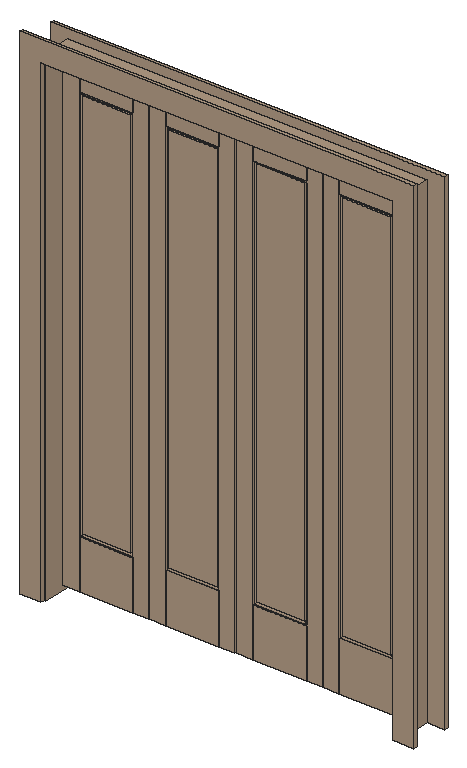
Revit family "FoldingDoor", category Doors, host Wall, Revit 2021
Family settings
  Host = Wall
  OmniClass Number = 23.30.10.17.17.24
  OmniClass Title = Bifold Doors
  Always vertical = Yes
  Cut with Voids When Loaded = No
  Shared = No
  Room Calculation Point = No
Parameters (values of type "1.57 x 1.72")
  Youtube clip = ""
  Warranty URL = "http://www.karonadoor.com/pdf/literature/Warranty_.pdf"
  Warranty = "Limited lifetime warranty on all interior doors."  # constant formula
  Visual Light Transmittance = 0
  Uniformat II Description = ""
  Uniformat II Code = ""
  Uniclass 2015 Name = "Doorsets"
  Uniclass 2015 Code = "Pr_30_59_24"
  Uniclass 2.0 Description = "Doorsets"
  Uniclass 2.0 Code = "PR-59-23"
  Uniclass 1.4 Description = "Doors"
  Uniclass 1.4 Code = "JL20"
  URL = "http://www.karonadoor.com/"
  UNSPSC Code = "30171511"
  Trim Width = Trim Offset + Jamb Thickness - Trim Reveal  # 0.092869 m
  Trim Visible = yes
  Trim Reveal = 0.00635 m  # constant formula
  Trim Offset 2 = 0.0381 m + Jamb Thickness - Trim Reveal  # 0.054769 m
  Trim Offset = 0.0762 m
  Trim Material = Wood - Karona - Red Oak
  Top Rail Material = Wood - Karona - Red Oak
  Top Rail Height = 0.0762 m
  Thermal Resistance (R) = 2.1740 (h·ft²·°F)/BTU
  Technical description = "http://www.karonadoor.com/pdf/Architectural.Guide.pdf"
  Support Email = "mailto:bimsupport@jeldwen.com"
  Stile Width = 0.070637 m
  Stile Material = Wood - Karona - Red Oak
  Sticking Offset = if(Square Sticking Profile, 0.00 m, 0.011113 m)  # 0.011113 m
  Sticking Material = Wood - Karona - Red Oak
  Square Sticking Profile = no
  Solar Heat Gain Coefficient = 0
  Slab Width = (Width - 0.023813 m) / 4  # 0.375047 m
  Region South America = "None"
  Region Oceania = "None"
  Region North America = "CA, US"
  Region Middle East = "None"
  Region Europe = "None"
  Region Asia = "None"
  Region Antarctica = "None"
  Region Africa = "None"
  Raised Panel Offset = if(Square Sticking Profile, 0.030163 m, 0.041275 m)  # 0.041275 m
  Raised Panel Door = yes
  QR code = "http://bimobject.com/karona/product/K1020"
  Product url = ""
  Product group = "Panel Doors"
  Product family = "Commercial Products"
  Product data url = "https://bimobject.com/karona/product/K1020"
  Product certification = ""
  Product SKU = "K1020"
  Product Guid = "a243a0c5-d66c-4328-b293-24f8d74b3ef9"
  Pivot Inset 2 = Jamb Offset + Pivot Inset  # 0.086519 m
  Pivot Inset = 0.05715 m
  Panel Half Thickness = Thickness / 2  # 0.022523 m
  Ovolo Sticking Profile = yes
  Operation = "Swing"
  OmniClass Description = "Wood Doors"
  OmniClass Code = "23-17 11 15"
  Ogee Sticking Profile = no
  NBS Reference Description = "Doorsets"
  NBS Reference Code = "59-23"
  Mullion Width = 0.092075 m  # constant formula
  Model = "K1020"  # constant formula
  Mission Sticking Profile = no
  Material secondary = ""
  Material main = "Wood"
  Masterformat 2014 Description = "Bifolding Wood Doors"
  Masterformat 2014 Code = "08 14 76"
  Manufacturer name = "Karona"
  Manufacturer country = "United States"
  Manufacturer = "Karona Door, Inc."  # constant formula
  Keynote = "08 14 76"  # constant formula
  Jamb to Door Gap = 0.00635 m  # constant formula
  Jamb Material = Wood - Karona - Red Oak
  Interior Panel = Wood - Karona - Red Oak
  Installation instructions = "http://www.karonadoor.com/printable_media.php"
  Inset = Panel Half Thickness + 0.01905 m  # 0.041573 m
  IFC Classification = "Door"
  Heat Transfer Coefficient (U) = 0.4600 BTU/(h·ft²·°F)
  Green Product Information = "Available in Certified Wood, No-added Urea, & Recycled"  # constant formula
  Glass Panel Door = no
  Flat Panel Door = no
  Fire Rating Data = "http://www.karonadoor.com/pdf/literature/Fire_Door_Options.pdf"
  Fire Rating = "Available in 20, 45, 60, & 90 minute ratings."  # constant formula
  Edition number = 1
  EAN code = ""
  Door Width [instance] = 1.570037 m
  Door Panel Material = Wood - Karona - Red Oak
  Door Height [instance] = 2.128044 m
  Design country = "United States"
  Description = "Bifold Stile and Rail Wood Door"  # constant formula
  Define Thermal Properties by = Schematic Type
  Date of publishing = ""
  Construction Type = ""
  COBIe Type Category = ""
  Brand url = "http://www.karonadoor.com/"
  Bottom Rail Material = Wood - Karona - Red Oak
  Bottom Rail Height = 0.2159 m
  BIMobject main category code = "doors"
  BIMobject main category = "Doors"
  BIMobject category code = "doors-folding"
  BIMobject category = "Folding"
  Analytic Construction = "Solid core wood"
  Thickness = 0.045045 m
  Stop Thickness = 0.0127 m
  Stop Depth = 0.034925 m
  Sticking Profile Note = "Select only one sticking profile."  # constant formula
  Sizing Statement = "Custom sizes are available."  # constant formula
  Rough Width = Width + 2 * Jamb Thickness  # 1.570038 m
  Rough Height = Height + Jamb Thickness + 0.073025 m  # 2.128044 m
  Rabbet Width = Thickness  # 0.045045 m
  Panel Style Note = "Select only one panel style."  # constant formula
  Jamb Offset = Jamb Thickness + Jamb to Door Gap  # 0.029369 m
  Glass Options Note = "19 styles of glass are available."  # constant formula
  Function = Interior
  Jamb Thickness = 0.023019 m
  Ext. Frame Thickness = 0.015875 m
  Int. Frame Thickness = 0.015875 m
  Height = 2.032 m
  Wall Closure = By host
  Width = 1.524 m
  Fire Door Note = "Available in 20, 45, 60, & 90 minute ratings."  # constant formula
  2nd Panel Spacing = Slab Width / 2 + Panel Half Thickness  # 0.210046 m
Types (4, lengths in m): name | Slab Width | Rough Width | Width | 2nd Panel Spacing
  1.57 x 1.72 | 0.375047 | 1.570038 | 1.524 | 0.210046
  Not A Type - Load Type Catalog 4 | 0.244047 | 1.046037 | 1.00 | 0.144546
  Not A Type - Load Type Catalog 3 | 0.344047 | 1.446037 | 1.40 | 0.194546
  Not A Type - Load Type Catalog 2 | 0.294047 | 1.246037 | 1.20 | 0.169546
Reference planes (m)
  plane 1 "Center (Front/Back)": y = 0
  plane 2 "Center (Left/Right)": x = 0
  plane 3 "Left": x = -0.785019
  plane 4 "Right": x = 0.785019
  plane 5 "Top": z = 2.128044
  plane 6 "Exterior": y = 0.0762
  plane 7 "Interior": y = -0.0762
  plane 8: y = 0.034627
  plane 9: x = 0.6985
  plane 10: x = -0.6985
  plane 11: x = 0.003175
  plane 12: x = -0.003175
  plane 13: y = 0.012105
  plane 14 "Door Panel Bottom": z = 0.0254
Forms (m)
  Extrusion 1, solid, material "Wood - Karona - Red Oak" <- "Trim Material", visible <- "Trim Visible"
    sketch origin (-2.286, 0.0762, 0) x (-1, 0, 0) y (0, 0, 1)
      loop
        line (-3.147219, 0) -> (-3.05435, 0) -> (-3.05435, 2.073275) -> (-1.51765, 2.073275) -> (-1.51765, 0) -> (-1.424781, 0) -> (-1.424781, 2.166144) -> (-3.147219, 2.166144) -> (-3.147219, 0)
    from 0 to 0.015875
  Extrusion 2, solid, material "Wood - Karona - Red Oak" <- "Trim Material", visible <- "Trim Visible"
    sketch origin (-2.286, -0.0762, 0) x (1, 0, 0) y (0, 0, 1)
      loop
        line (1.424781, 0) -> (1.51765, 0) -> (1.51765, 2.111375) -> (3.05435, 2.111375) -> (3.05435, 0) -> (3.147219, 0) -> (3.147219, 2.204244) -> (1.424781, 2.204244) -> (1.424781, 0)
    from 0 to 0.015875
  Sweep 3, solid, material "Wood - Karona - Red Oak" <- "Jamb Material"
    path origin (-1.524, 0, 0) x (-1, 0, 0) y (0, 0, 1)
      loop
        line (-2.309019, 0) -> (-2.309019, 2.128044) -> (-0.738981, 2.128044) -> (-0.738981, 0)
    profile origin (0.785019, 0, 1.064022) x (1, 0, 0) y (0, 1, 0)
      loop
        line (0, 0.0762) -> (-0.023019, 0.0762) -> (-0.023019, 0.03512) -> (-0.023019, -0.0762) -> (0, -0.0762) -> (0, 0.0762)
  Extrusion 4, solid, material "Wood - Karona - Red Oak" <- "Trim Material"
    sketch origin (0, 0, 0) x (0, 1, 0) y (0, 0, 1)
      loop
        line (0.0762, 2.105025) -> (0.05715, 2.105025) -> (0.05715, 2.066925) -> (0.0762, 2.066925) -> (0.0762, 2.105025)
    from -0.762 to 0.762
Lines and regions (m)
  Opening 1
    outline origin (-2.286, -0.0762, 0) x (1, 0, 0) y (0, 0, 1)
      loop
        line (1.500981, 0) -> (3.071019, 0) -> (3.071019, 2.128044) -> (1.500981, 2.128044) -> (1.500981, 0)
  Masking region 1, detail levels coarse
    outline origin (0, 0, 0) x (1, 0, 0) y (0, 1, 0)
      loop
        line (-0.785019, 0.0762) -> (-0.785019, -0.0762) -> (-0.762, -0.0762) -> (-0.762, 0.0762) -> (-0.785019, 0.0762)
      loop
        line (0.785019, 0.0762) -> (0.762, 0.0762) -> (0.762, -0.0762) -> (0.785019, -0.0762) -> (0.785019, 0.0762)
  Masking region 2, visible <- "Trim Visible", detail levels medium+fine
    outline origin (0, 0, 0) x (1, 0, 0) y (0, 1, 0)
      loop
        line (-0.861219, -0.0762) -> (-0.861219, -0.092075) -> (-0.76835, -0.092075) -> (-0.76835, -0.0762) -> (-0.861219, -0.0762)
      loop
        line (0.76835, 0.092075) -> (0.76835, 0.0762) -> (0.861219, 0.0762) -> (0.861219, 0.092075) -> (0.76835, 0.092075)
      loop
        line (0.76835, -0.0762) -> (0.76835, -0.092075) -> (0.861219, -0.092075) -> (0.861219, -0.0762) -> (0.76835, -0.0762)
      loop
        line (-0.861219, 0.092075) -> (-0.861219, 0.0762) -> (-0.76835, 0.0762) -> (-0.76835, 0.092075) -> (-0.861219, 0.092075)
  Masking region 3, detail levels medium+fine
    outline origin (-0.001191, 0, 0) x (1, 0, 0) y (0, 1, 0)
      loop
        line (0.763191, 0.0762) -> (0.763191, 0.012714) -> (0.763191, -0.0762) -> (0.786209, -0.0762) -> (0.786209, 0.0762) -> (0.763191, 0.0762)
      loop
        line (-0.783828, 0.0762) -> (-0.783828, -0.0762) -> (-0.760809, -0.0762) -> (-0.760809, 0.012398) -> (-0.760809, 0.0762) -> (-0.783828, 0.0762)
  Masking region 4, visible <- "Trim Visible"
    outline origin (0, 0, 0) x (1, 0, 0) y (0, 0, 1)
      loop
        line (0.861219, 0) -> (0.861219, 2.166144) -> (-0.861219, 2.166144) -> (-0.861219, 0) -> (-0.76835, 0) -> (-0.76835, 2.073275) -> (0.76835, 2.073275) -> (0.76835, 0) -> (0.861219, 0)
  Masking region 5
    outline origin (-1.524, 0, 0) x (-1, 0, 0) y (0, 0, 1)
      loop
        line (-2.29235, 2.073275) -> (-2.29235, 0) -> (-0.75565, 0) -> (-0.75565, 2.073275) -> (-2.29235, 2.073275)
  reference lines, not visible
    curve 1: line (0.887376, 0, 2.114029) -> (-0.974762, 0, 2.114029)
    curve 19: line (-0.6985, 0.034627, 0) -> (-0.505424, 0.227703, 0)
    curve 21: line (0.590737, 0.14239, 0) -> (0.6985, 0.034627, 0)
  symbolic lines, detail levels fine
    curve 2: line (0.75565, -0.0762, 0) -> (0.75565, -0.0762, 2.0574)
    curve 3: line (0.75565, -0.0762, 2.0574) -> (-0.75565, -0.0762, 2.0574)
    curve 4: line (-0.75565, -0.0762, 2.0574) -> (-0.75565, -0.0762, 0)
    curve 9: line (0.462366, 0, 0.252425) -> (0.462366, 0, 1.970075)
    curve 10: line (0.673887, 0, 0.252425) -> (0.462366, 0, 0.252425)
    curve 12: line (0.462366, 0, 1.970075) -> (0.673887, 0, 1.970075)
    curve 13: line (0.673887, 0, 1.970075) -> (0.673887, 0, 0.252425)
    curve 27: line (0.084938, 0, 0.252425) -> (0.084938, 0, 1.970075)
    curve 28: line (0.296459, 0, 0.252425) -> (0.084938, 0, 0.252425)
    curve 30: line (0.084938, 0, 1.970075) -> (0.296459, 0, 1.970075)
    curve 31: line (0.296459, 0, 1.970075) -> (0.296459, 0, 0.252425)
    curve 39: line (-0.296459, 0, 0.252425) -> (-0.296459, 0, 1.970075)
    curve 40: line (-0.084938, 0, 0.252425) -> (-0.296459, 0, 0.252425)
    curve 42: line (-0.296459, 0, 1.970075) -> (-0.084938, 0, 1.970075)
    curve 43: line (-0.084938, 0, 1.970075) -> (-0.084938, 0, 0.252425)
    curve 51: line (-0.673887, 0, 0.252425) -> (-0.673887, 0, 1.970075)
    curve 52: line (-0.462366, 0, 0.252425) -> (-0.673887, 0, 0.252425)
    curve 54: line (-0.673887, 0, 1.970075) -> (-0.462366, 0, 1.970075)
    curve 55: line (-0.462366, 0, 1.970075) -> (-0.462366, 0, 0.252425)
    curve 59: line (0.378222, -0.0762, 0.0254) -> (0.378222, -0.0762, 2.0574)
    curve 60: line (-0.378222, -0.0762, 0.0254) -> (-0.378222, -0.0762, 2.0574)
    curve 61: line (0, -0.0762, 0.0254) -> (0, -0.0762, 2.0574)
    curve 62: line (0.75565, -0.0762, 0.0254) -> (-0.75565, -0.0762, 0.0254)
  symbolic lines
    curve 5: line (0.451241, 0, 0.2413) -> (0.451241, 0, 1.9812)
    curve 6: line (0.685013, 0, 0.2413) -> (0.451241, 0, 0.2413)
    curve 11: line (0.685013, 0, 1.9812) -> (0.451241, 0, 1.9812)
    curve 22: line (0.685013, 0, 1.9812) -> (0.685013, 0, 0.2413)
    curve 23: line (0.073812, 0, 0.2413) -> (0.073812, 0, 1.9812)
    curve 24: line (0.307584, 0, 0.2413) -> (0.073812, 0, 0.2413)
    curve 29: line (0.307584, 0, 1.9812) -> (0.073812, 0, 1.9812)
    curve 34: line (0.307584, 0, 1.9812) -> (0.307584, 0, 0.2413)
    curve 35: line (-0.307584, 0, 0.2413) -> (-0.307584, 0, 1.9812)
    curve 36: line (-0.073812, 0, 0.2413) -> (-0.307584, 0, 0.2413)
    curve 41: line (-0.073812, 0, 1.9812) -> (-0.307584, 0, 1.9812)
    curve 46: line (-0.073812, 0, 1.9812) -> (-0.073812, 0, 0.2413)
    curve 47: line (-0.685013, 0, 0.2413) -> (-0.685013, 0, 1.9812)
    curve 48: line (-0.451241, 0, 0.2413) -> (-0.685013, 0, 0.2413)
    curve 53: line (-0.451241, 0, 1.9812) -> (-0.685013, 0, 1.9812)
    curve 58: line (-0.451241, 0, 1.9812) -> (-0.451241, 0, 0.2413)
  symbolic lines, visible <- "Raised Panel Door", detail levels medium+fine
    curve 7: line (0.491675, 0, 0.281734) -> (0.491675, 0, 1.940766)
    curve 8: line (0.644578, 0, 0.281734) -> (0.491675, 0, 0.281734)
    curve 14: line (0.491675, 0, 1.940766) -> (0.644578, 0, 1.940766)
    curve 15: line (0.644578, 0, 1.940766) -> (0.644578, 0, 0.281734)
    curve 25: line (0.114247, 0, 0.281734) -> (0.114247, 0, 1.940766)
    curve 26: line (0.26715, 0, 0.281734) -> (0.114247, 0, 0.281734)
    curve 32: line (0.114247, 0, 1.940766) -> (0.26715, 0, 1.940766)
    curve 33: line (0.26715, 0, 1.940766) -> (0.26715, 0, 0.281734)
    curve 37: line (-0.26715, 0, 0.281734) -> (-0.26715, 0, 1.940766)
    curve 38: line (-0.114247, 0, 0.281734) -> (-0.26715, 0, 0.281734)
    curve 44: line (-0.26715, 0, 1.940766) -> (-0.114247, 0, 1.940766)
    curve 45: line (-0.114247, 0, 1.940766) -> (-0.114247, 0, 0.281734)
    curve 49: line (-0.644578, 0, 0.281734) -> (-0.644578, 0, 1.940766)
    curve 50: line (-0.491675, 0, 0.281734) -> (-0.644578, 0, 0.281734)
    curve 56: line (-0.644578, 0, 1.940766) -> (-0.491675, 0, 1.940766)
    curve 57: line (-0.491675, 0, 1.940766) -> (-0.491675, 0, 0.281734)
  reference lines
    curve 16: line (0, -0.699573, 0) -> (0, -0.663556, 0)
    curve 17: line (0, -0.699573, 0) -> (0, -0.663556, 0)
    curve 18: line (-0.708793, 0.069595, 2.128044) -> (-0.708793, 0.006095, 2.128044)
    curve 20: line (1.0414, -0.420173, 0) -> (1.0414, -0.384156, 0)
    curve 66: line (-0.785019, 0.0762, 2.128044) -> (-0.785019, -0.7958, 2.128044)
    curve 67: line (-0.785019, 0.0762, 2.128044) -> (-0.785019, -0.8538, 2.128044)
    curve 68: line (-0.785019, 0, 2.128044) -> (0.785019, 0, 2.128044)
    curve 69: line (-0.861219, 0, 2.166144) -> (-0.861219, 0, -0.189856)
    curve 70: line (-0.861219, 0, -0.189856) -> (-0.861219, 0, 2.554144)
  symbolic lines, detail levels coarse+medium
    curve 63: line (0.378222, 0, 2.073275) -> (0.378222, 0, 0)
    curve 64: line (0, 0, 2.073275) -> (0, 0, 0)
    curve 65: line (-0.378222, 0, 2.073275) -> (-0.378222, 0, 0)
Text (m)
  text "Exterior" at (-1.90417, 0.693701, 0), in view "Ref. Level"
  text "Interior" at (-1.90417, -0.638649, 0), in view "Ref. Level"
  text "Exterior" at (0, 1.019848, 3.124603), in view "Right"
  text "Interior" at (0, -1.635541, 3.124603), in view "Right"
  text "Interior" at (0, -0.787806, 3.124376), in view "Left"
  text "Exterior" at (0, 1.386095, 3.124376), in view "Left"
Dimensions and locks (m)
  equal spacing: plane 3 "Left", plane 2 "Center (Left/Right)", plane 4 "Right"
  "Door Height": level to plane 5 "Top"
  host wall to plane 5 "Top" = 2.128044 m
  "Int. Frame Thickness": Extrusion 2 to host wall
  "Ext. Frame Thickness": Extrusion 1 to host wall
  "Door Width": plane 3 "Left" to plane 4 "Right"
  "Trim Width": Extrusion 1 sketch curve to Extrusion 1 sketch curve  (x3)
  "Trim Offset": plane 3 "Left" to Extrusion 1 sketch curve
  "Trim Offset": plane 4 "Right" to Extrusion 1 sketch curve
  "Trim Width": Extrusion 2 sketch curve to Extrusion 2 sketch curve  (x3)
  "Trim Offset": plane 3 "Left" to Extrusion 2 sketch curve
  "Trim Offset": plane 4 "Right" to Extrusion 2 sketch curve
  "Jamb Thickness": Sweep 3 sketch curve to profile plane
  "Inset": plane 8 to plane 6 "Exterior"
  "Pivot Inset 2": plane 9 to plane 4 "Right"
  "Pivot Inset 2": plane 3 "Left" to plane 10
  "Width": Sweep 3 to Sweep 3
  "Panel Half Thickness": plane 8 to plane 13
  "Jamb to Door Gap": nested 2 to Sweep 3
  "Jamb to Door Gap": Sweep 3 to nested 1
  equal spacing: plane 12, plane 2 "Center (Left/Right)", plane 11, locked at 0.003175 each
  locked: plane 14 "Door Panel Bottom" to level at 0.0254
  "Trim Offset 2": plane 5 "Top" to Masking region 4 sketch curve
  "Trim Width": Masking region 4 sketch curve to Masking region 4 sketch curve
  "Trim Offset 2": Extrusion 1 sketch curve to Sweep 3
  "Trim Offset": plane 5 "Top" to Extrusion 2 sketch curve
  locked: Extrusion 4 sketch curve to Sweep 3 at 0.0381
  locked: Extrusion 4 sketch curve to Extrusion 4 sketch curve at 0.01905
  "2nd Panel Spacing": nested 7 to nested 5  (x2)
  "2nd Panel Spacing": nested 8 to nested 6
  "2nd Panel Spacing": nested 6 to nested 8
  Extrusion 1 to Extrusion 1 = 1.722437 m
  locked: plane 8 to curve 19 (angle 45.00°)
  locked: curve 21 to plane 8 (angle 45.00°)
  aligned and locked: plane 3 "Left" to Opening 1 sketch curve
  aligned and locked: plane 5 "Top" to Opening 1 sketch curve  (x2)
  aligned and locked: Opening 1 sketch curve to plane 4 "Right"
  aligned and locked: Opening 1 sketch curve to level
  aligned and locked: Extrusion 1 to host wall
  aligned and locked: Extrusion 2 to host wall
  aligned and locked: plane 6 "Exterior" to host wall
  aligned and locked: plane 7 "Interior" to host wall
  aligned and locked: level to Extrusion 1 sketch curve  (x2)
  aligned and locked: level to Extrusion 2 sketch curve  (x2)
  aligned and locked: Masking region 1 sketch curve to host wall  (x4)
  aligned and locked: host wall to Masking region 1 sketch curve  (x2)
  aligned and locked: Masking region 2 sketch curve to Extrusion 2  (x7)
  aligned and locked: Masking region 2 sketch curve to Extrusion 1  (x7)
  aligned and locked: host wall to Masking region 2 sketch curve  (x2)
  aligned and locked: Masking region 3 sketch curve to host wall
  aligned and locked: Masking region 3 sketch curve to Masking region 1  (x2)
  aligned and locked: Masking region 4 sketch curve to Extrusion 1  (x4)
  aligned and locked: Extrusion 1 to Masking region 4 sketch curve  (x2)
  aligned and locked: plane 4 "Right" to Sweep 3 sketch curve
  aligned and locked: plane 5 "Top" to Sweep 3 sketch curve
  aligned and locked: Sweep 3 sketch curve to plane 3 "Left"
  aligned and locked: Sweep 3 sketch curve to host wall
  aligned and locked: host wall to Sweep 3 sketch curve
  aligned and locked: plane 3 "Left" to Masking region 3
  aligned and locked: Sweep 3 sketch curve to plane 6 "Exterior"
  aligned and locked: Masking region 3 sketch curve to Masking region 3 sketch curve  (x2)
  aligned and locked: Masking region 3 sketch curve to plane 4 "Right"
  aligned and locked: Masking region 3 to Masking region 1  (x2)
  aligned and locked: Masking region 1 to Sweep 3
  aligned and locked: Masking region 3 to host wall
  aligned and locked: plane 3 "Left" to Masking region 1
  aligned and locked: Sweep 3 to Masking region 3
  aligned and locked: Masking region 3 to plane 4 "Right"
  aligned and locked: host wall to Masking region 3  (x3)
  aligned and locked: Masking region 3 to plane 6 "Exterior"
  aligned and locked: plane 7 "Interior" to Masking region 3
  aligned and locked: Masking region 3 to Sweep 3
  aligned and locked: nested 5 to curve 19  (x2)
  aligned and locked: plane 9 to curve 21
  aligned and locked: plane 8 to curve 21
  aligned and locked: nested 6 to curve 21  (x2)
  aligned and locked: nested 4 to plane 11
  aligned and locked: nested 3 to plane 12
  aligned and locked: plane 13 to nested 4
  aligned and locked: nested 2 to plane 13
  aligned and locked: nested 3 to plane 13
  aligned and locked: nested 3 to plane 14 "Door Panel Bottom"
  aligned and locked: plane 14 "Door Panel Bottom" to nested 4
  aligned and locked: plane 14 "Door Panel Bottom" to nested 1
  aligned and locked: Extrusion 4 sketch curve to Sweep 3
  aligned and locked: Sweep 3 to Extrusion 4 sketch curve
  aligned and locked: plane 13 to nested 1
  aligned and locked: Extrusion 4 to Sweep 3  (x2)
  aligned and locked: Extrusion 1 to Masking region 5 sketch curve
  aligned and locked: Masking region 5 to Extrusion 1
  aligned and locked: nested 2 to plane 14 "Door Panel Bottom"
  aligned and locked: curve 10 to nested 2
  aligned and locked: curve 6 to nested 2
  aligned and locked: curve 12 to nested 2
  aligned and locked: curve 9 to nested 2
  aligned and locked: nested 2 to curve 5
  aligned and locked: nested 2 to curve 22
  aligned and locked: Masking region 5 sketch curve to Extrusion 1
  aligned and locked: curve 11 to curve 29
  aligned and locked: curve 11 to curve 41
  aligned and locked: curve 11 to curve 53
  aligned and locked: curve 30 to curve 12
  aligned and locked: curve 42 to curve 12
  aligned and locked: curve 54 to curve 12
  aligned and locked: curve 32 to curve 14
  aligned and locked: curve 44 to curve 14
  aligned and locked: curve 56 to curve 14
  aligned and locked: curve 8 to curve 26
  aligned and locked: curve 8 to curve 38
  aligned and locked: curve 8 to curve 50
  aligned and locked: curve 10 to curve 28
  aligned and locked: curve 10 to curve 40
  aligned and locked: curve 10 to curve 52
  aligned and locked: curve 6 to curve 24
  aligned and locked: curve 6 to curve 36
  aligned and locked: curve 6 to curve 48
  aligned and locked: curve 31 to nested 4
  aligned and locked: curve 34 to nested 4
  aligned and locked: curve 23 to nested 4
  aligned and locked: curve 27 to nested 4
  aligned and locked: curve 46 to nested 3
  aligned and locked: curve 43 to nested 3
  aligned and locked: curve 35 to nested 3
  aligned and locked: curve 39 to nested 3
  aligned and locked: curve 58 to nested 1
  aligned and locked: curve 55 to nested 1
  aligned and locked: nested 1 to curve 47
  aligned and locked: curve 51 to nested 1
  aligned and locked: plane 14 "Door Panel Bottom" to curve 59
  aligned and locked: nested 2 to curve 3
  aligned and locked: curve 2 to nested 2
  aligned and locked: curve 4 to nested 1
  aligned and locked: curve 60 to nested 3
  aligned and locked: curve 61 to plane 2 "Center (Left/Right)"
  aligned and locked: curve 59 to nested 4
  aligned and locked: plane 14 "Door Panel Bottom" to curve 61
  aligned and locked: curve 11 to nested 2
  aligned and locked: curve 13 to nested 2
  aligned and locked: level to curve 63
  aligned and locked: Extrusion 1 to curve 63
  aligned and locked: curve 63 to curve 59
  aligned and locked: curve 64 to curve 61
  aligned and locked: curve 65 to curve 60
Automatic sketch dimensions
  plane 5 "Top" to curve 1 = 0.014015 m
  plane 3 "Left" to curve 1 = 0.189743 m
  curve 1 to plane 4 "Right" = 0.102357 m
  Sweep 3 sketch curve to level = 0.00 m  (x2)
  curve 17 to plane 2 "Center (Left/Right)" = 0.00 m  (x2)
  curve 16 to plane 2 "Center (Left/Right)" = 0.00 m  (x2)
  curve 16 to curve 17 = 0.00 m  (x2)
  curve 17 to curve 17 = 0.025467 m
  curve 16 to curve 20 = 0.908479 m
  curve 20 to curve 20 = 0.025467 m  (x2)
  curve 20 to curve 17 = 0.538815 m
  Masking region 1 sketch curve to Masking region 1 sketch curve = 0.023019 m
  plane 4 "Right" to Masking region 1 sketch curve = 0.023019 m
  Masking region 3 sketch curve to plane 3 "Left" = 0.00 m
  host wall to Masking region 3 sketch curve = 0.00 m
  Masking region 3 sketch curve to host wall = 0.00 m
  curve 19 to plane 8 = 0.00 m
  curve 19 to plane 10 = 0.00 m
  Masking region 3 sketch curve to Masking region 3 sketch curve = 0.023019 m
  Masking region 3 sketch curve to plane 8 = 0.02223 m
  Masking region 3 sketch curve to plane 8 = 0.021914 m
  Masking region 5 sketch curve to level = 0.00 m
  plane 4 "Right" to Masking region 5 sketch curve = 0.016669 m
  curve 4 to level = 0.00 m
  curve 2 to level = 0.00 m
  host wall to curve 17 = 0.623373 m
  curve 64 to level = 0.00 m
  plane 5 "Top" to curve 64 = 0.054769 m
  curve 65 to level = 0.00 m
  plane 5 "Top" to curve 65 = 0.054769 m
  curve 12 to curve 15 = 0.029309 m
  curve 14 to curve 9 = 0.029309 m
  curve 30 to curve 32 = 0.029309 m
  curve 25 to curve 27 = 0.029309 m
  curve 42 to curve 44 = 0.029309 m
  curve 37 to curve 39 = 0.029309 m
  curve 54 to curve 56 = 0.029309 m
  curve 49 to curve 51 = 0.029309 m
  curve 52 to curve 57 = 0.029309 m
  curve 7 to curve 9 = 0.029309 m
  curve 67 to host wall = 0.00 m
  curve 66 to host wall = 0.00 m
  host wall to curve 68 = 0.00 m
  curve 67 to plane 3 "Left" = 0.00 m
  curve 68 to plane 3 "Left" = 0.00 m
  curve 68 to plane 4 "Right" = 0.00 m
  curve 18 to host wall = 0.006605 m
  curve 18 to plane 13 = 0.00601 m
  host wall to curve 66 = 0.7196 m
  curve 66 to curve 67 = 0.058 m
  curve 18 to plane 10 = 0.010293 m
  plane 3 "Left" to curve 69 = 0.0762 m
  curve 69 to level = 0.189856 m
  curve 69 to plane 5 "Top" = 0.0381 m
  curve 69 to curve 70 = 0.388 m
  profile plane to Sweep 3 sketch curve = 0.03512 m
Nested families (m)
  nested 1: "Panel_K1020_Karona" at (-0.225227, 0.000916, 0.0254), type "K1020"
  nested 2: "Panel_K1020_Karona" at (0.225227, 0.000916, 0.0254) x (-1, 0, 0) z (0, 0, 1), type "K1020"
  nested 3: "Panel_K1020_Karona" at (-0.533598, 0.000916, 0.0254) x (-1, 0, 0) z (0, 0, 1), type "K1020"
  nested 4: "Panel_K1020_Karona" at (0.533598, 0.000916, 0.0254), type "K1020"
  nested 5: "Standard Millwork-Section" at (-0.754837, 0.010142, 0) x (0.7071, -0.7071, 0) z (0, 0, 1), type "1x10"
  nested 6: "Standard Millwork-Section" at (0.754837, 0.010142, 0) x (-0.7071, -0.7071, 0) z (0, 0, 1), type "1x10"
  nested 7: "Standard Millwork-Section" at (-0.425935, 0.27534, 0) x (-0.7071, -0.7071, 0) z (0, 0, 1), type "1x10"
  nested 8: "Standard Millwork-Section" at (0.425935, 0.27534, 0) x (0.7071, -0.7071, 0) z (0, 0, 1), type "1x10"
Definition of nested family "Panel_K1020_Karona"
  Parameters (values of type "K1020")
    Width = 0.375047 m
    Top Rail Material = none
    Top Rail Height = 0.0762 m  # constant formula
    Top Panel Offset = 0.377825 m
    Thickness = 0.045045 m
    Stile Width = 0.070637 m  # constant formula
    Stile Material = none
    Sticking Material = none
    Square Sticking Profile = no
    Square Sticking Offset = if(Square Sticking Profile, 0.022225 m, 0.00 m)  # 0.00 m
    Raised Panel Door = yes
    Panel Width = Width - (2 * Stile Width)  # 0.233772 m
    Panel Height = Height - Top Rail Height - Bottom Rail Height  # 1.7399 m
    Ovolo Sticking Profile = yes
    Ogee Sticking Profile = no
    Mission Sticking Profile = no
    Interior Panel = none
    Height = 2.032 m
    Glass Panel Door = no
    Flex Panel Width = Panel Width + Square Sticking Offset  # 0.233772 m
    Flex Panel Height = Panel Height + Square Sticking Offset  # 1.7399 m
    Flat Panel Door = no
    Exterior Edge - Glass Bottom Offset = if(Thickness = 0.04506 m, 0.014402 m, if(Thickness = 0.05715 m, 0.020396 m, 0.011913 m))  # 0.011913 m
    Door Panel Material = none
    Define Thermal Properties by = 1
    Default Elevation = 0.00 m  # constant formula
    Bottom Rail Material = none
    Bottom Rail Height = 0.2159 m
    Assembly Code = ""
    Analytic Construction = "<None>"
  Reference planes (m)
    plane 1 "Center (Front/Back)": y = 0.033711
    plane 2: z = 0
    plane 3 "Center (Left/Right)": x = -0.3429
    plane 4 "Left": x = -0.530423
    plane 5: x = -0.155377
    plane 6 "Inner Left": x = -0.459786
    plane 7 "Inner Right": x = -0.226014
    plane 8 "Bottom Of Top Rail": z = 1.9558
    plane 9 "Top": z = 2.032
    plane 10 "Interior Edge of Door": y = 0.056234
    plane 11: z = 1.9558
    plane 12 "Exterior Edge of Door": y = 0.011189
    plane 13 "Bottom of Glass": y = 0.023101
    plane 14 "Left Panel Vertical Midline": x = -0.3429
    plane 15: z = 1.9558
    plane 16: z = 0.2159
    plane 17: z = 1.08585
  Forms (m)
    Extrusion 1, solid, material <- "Bottom Rail Material"
      sketch origin (0, -2.573337, 0) x (1, 0, 0) y (0, 0, 1)
        loop
          line (-0.459786, 0) -> (-0.226014, 0) -> (-0.226014, 0.2159) -> (-0.459786, 0.2159) -> (-0.459786, 0)
      from -2.629572 to -2.584526
    Extrusion 2, solid, material <- "Stile Material"
      sketch origin (0, 0.033711, 0) x (1, 0, 0) y (0, 0, 1)
        loop
          line (-0.530423, 2.032) -> (-0.530423, 0) -> (-0.459786, 0) -> (-0.459786, 2.032) -> (-0.530423, 2.032)
        loop
          line (-0.226014, 0) -> (-0.155377, 0) -> (-0.155377, 2.032) -> (-0.226014, 2.032) -> (-0.226014, 0)
      from -0.022523 to 0.022523
    Extrusion 3, solid, material <- "Top Rail Material"
      sketch origin (0, 0.033711, 0) x (1, 0, 0) y (0, 0, 1)
        loop
          line (-0.459786, 2.032) -> (-0.459786, 1.9558) -> (-0.226014, 1.9558) -> (-0.226014, 2.032) -> (-0.459786, 2.032)
      from -0.022523 to 0.022523
  Text (m)
    text "EXTERIOR" at (-0.878659, -0.032497, 0), in view "Ref. Level"
    text "EXTERIOR" at (0, -0.245183, 1.848279), in view "Left"
    text "EXTERIOR" at (0, -0.846702, 2.455691), in view "Right"
  Dimensions and locks (m)
    equal spacing: plane 4 "Left", plane 3 "Center (Left/Right)", plane 5
    "Width": plane 4 "Left" to plane 5
    "Stile Width": plane 4 "Left" to plane 6 "Inner Left"
    "Stile Width": plane 5 to plane 7 "Inner Right"
    "Top Rail Height": plane 9 "Top" to plane 8 "Bottom Of Top Rail"
    "Height": plane 9 "Top" to plane 2
    equal spacing: plane 10 "Interior Edge of Door", plane 1 "Center (Front/Back)", plane 12 "Exterior Edge of Door"
    "Thickness": plane 10 "Interior Edge of Door" to plane 12 "Exterior Edge of Door"
    "Exterior Edge - Glass Bottom Offset": plane 13 "Bottom of Glass" to plane 12 "Exterior Edge of Door"
    "Exterior Edge - Glass Bottom Offset": plane 12 "Exterior Edge of Door" to plane 13 "Bottom of Glass"
    "Bottom Rail Height": plane 16 to level
    equal spacing: plane 15, plane 17, plane 16
    "Panel Height": plane 15 to plane 16
    aligned and locked: Extrusion 1 to plane 2
    aligned and locked: plane 10 "Interior Edge of Door" to Extrusion 1
    aligned and locked: plane 4 "Left" to Extrusion 2 sketch curve
    aligned and locked: Extrusion 2 sketch curve to plane 9 "Top"
    aligned and locked: Extrusion 2 sketch curve to Extrusion 1  (x3)
    aligned and locked: Extrusion 1 to Extrusion 2 sketch curve
    aligned and locked: plane 9 "Top" to Extrusion 2 sketch curve
    aligned and locked: plane 5 to Extrusion 2 sketch curve
    aligned and locked: plane 10 "Interior Edge of Door" to Extrusion 2
    aligned and locked: Extrusion 2 to Extrusion 3 sketch curve
    aligned and locked: Extrusion 3 sketch curve to Extrusion 2
    aligned and locked: plane 10 "Interior Edge of Door" to Extrusion 3
    aligned and locked: plane 11 to plane 8 "Bottom Of Top Rail"
    aligned and locked: level to plane 2
    aligned and locked: Extrusion 3 to plane 12 "Exterior Edge of Door"
    aligned and locked: Extrusion 3 to plane 10 "Interior Edge of Door"
    aligned and locked: Extrusion 2 to plane 12 "Exterior Edge of Door"
    aligned and locked: Extrusion 3 to plane 11
    aligned and locked: Extrusion 1 to Extrusion 2
    aligned and locked: nested 1 to plane 1 "Center (Front/Back)"
    aligned and locked: nested 1 to plane 14 "Left Panel Vertical Midline"
    aligned and locked: plane 16 to Extrusion 1
    aligned and locked: plane 17 to nested 1
  Automatic sketch dimensions
    Extrusion 1 sketch curve to plane 6 "Inner Left" = 0.00 m
    Extrusion 1 sketch curve to plane 7 "Inner Right" = 0.00 m
    Extrusion 1 sketch curve to level = 0.00 m
    Extrusion 3 sketch curve to plane 7 "Inner Right" = 0.00 m
    plane 8 "Bottom Of Top Rail" to Extrusion 3 sketch curve = 0.00 m
    level to Extrusion 1 sketch curve = 0.2159 m
  Nested families (m)
    nested 1: "Panel-Sticking-Assembly2015" at (-0.354806, 0.037541, 0.2159), Width <- "Flex Panel Width", Height <- "Flex Panel Height", type "Raised Panel"
      with Width 0.233772 m, Height 1.7399 m
  Definition of nested family "Panel-Sticking-Assembly2015"
    Parameters (values of type "Raised Panel")
      Width [instance] = 0.1016 m
      Vertical Profile Offset = if(Glass Panel, 0.012014 m, 0.00127 m)  # 0.00127 m
      Stop Adjustment = if(and(not(Glass Panel), Door Thickness > 0.044958 m), 0.01303 m, if((Glass Panel), 0.003175 m, 0.006934 m))  # 0.01303 m
      Profile = none
      Ovolo Sticking Profile = yes
      Ogee Sticking Profile = no
      Mission Sticking Profile = no
      Height [instance] = 0.1016 m
      Raised Panel = yes
      Interior Panel = none
      Glass Panel = no
      Flat Panel = no
      Door Thickness = 0.045045 m
      Default Elevation = 0.00 m
      C = if(and(Door Thickness > 0.044958 m, Door Thickness < 0.05715 m), 0.005004 m, if(Door Thickness = 0.05715 m, 0.0111 m, 0.002692 m))  # 0.005004 m
      B = if(and(Door Thickness > 0.044958 m, Door Thickness < 0.05715 m), 0.014402 m, if(Door Thickness = 0.05715 m, 0.020396 m, 0.011913 m))  # 0.014402 m
      Assembly Code = ""
      A = if(and(Door Thickness > 0.044958 m, Door Thickness < 0.05715 m), 0.004953 m, if(Door Thickness = 0.05715 m, 0.010947 m, 0.002743 m))  # 0.004953 m
    Reference planes (m)
      plane 1 "Stop Adjustment Edge": y = -0.008776
      plane 2: z = 0
      plane 3 "Center (Left/Right)": x = 0.011906
      plane 4 "Back": y = 0.018693
      plane 5 "Front": y = -0.026352
      plane 6 "Left": x = -0.038894
      plane 7 "Right": x = 0.062706
      plane 8 "Top": z = 0.1016
      plane 9 "Center (Up/Down)": z = 0.0508
      plane 10 "Bottom of Stop": y = 0.004255
      plane 11 "Bottom of Glass": y = -0.011951
      plane 12 "Right Edge of Glass": x = 0.061436
      plane 13 "Left Edge of Glass": x = -0.037624
      plane 14 "Top Edge of Glass": z = 0.099219
      plane 15 "Bottom Edge of Glass": z = 0.002381
      plane 16: x = 0.059531
      plane 17 "A": y = -0.021399
      plane 18 "C": y = 0.013689
      plane 19 "Bottom Cut Line": z = 0.011125
      plane 20 "Top Cut Line": z = 0.090475
      plane 21 "Cut Vertical Left": x = -0.027769
      plane 22 "Cut Vertical": x = 0.051581
      plane 23 "Center (Front/Back)": y = -0.00383
    Forms (m)
      Sweep 1, solid, material <- "Profile", visible <- "Ovolo Sticking Profile"
        path origin (0, -0.008776, 0) x (1, 0, 0) y (0, 0, 1)
          loop
            line (0.062706, 0.1016) -> (-0.038894, 0.1016) -> (-0.038894, 0) -> (0.062706, 0) -> (0.062706, 0.1016)
        profile origin (0.062706, -0.008776, 0.0508) x (0, -1, 0) y (1, 0, 0)
          loop
            line (-0.022465, 0) -> (-0.022465, -0.002235)
            arc (-0.022465, -0.002235) -> (-0.020127, -0.008257) -> (-0.01434, -0.011125) r 0.008926
            line (-0.01434, -0.011125) -> (-0.01303, -0.011125) -> (-0.01303, -0.00127) -> (0.003175, -0.00127) -> (0.003175, -0.011325)
            arc (0.003175, -0.011325) -> (0.010192, -0.007602) -> (0.012497, 0) r 0.01034
            line (0.012497, 0) -> (-0.022465, 0)
      Extrusion 2, solid, material <- "Interior Panel", visible <- "Flat Panel"
        sketch origin (0, 0, 0) x (1, 0, 0) y (0, 1, 0)
          loop
            line (-0.037624, 0.004255) -> (-0.037624, -0.011951) -> (0.061436, -0.011951) -> (0.061436, 0.004255) -> (-0.037624, 0.004255)
        from 0.002381 to 0.099219
      Extrusion 3, solid, material <- "Profile", visible <- "Raised Panel"
        sketch origin (0, 0, 0) x (1, 0, 0) y (0, 1, 0)
          loop
            line (0.051581, 0.004255) -> (0.051581, 0.013689) -> (-0.027769, 0.013689) -> (-0.027769, 0.004255) -> (0.051581, 0.004255)
          loop
            line (-0.027769, -0.011951) -> (-0.027769, -0.021399) -> (0.051581, -0.021399) -> (0.051581, -0.011951) -> (-0.027769, -0.011951)
        from 0.011125 to 0.090475
      Sweep 4, solid, material <- "Profile", visible <- "Mission Sticking Profile"
        path in 3D
          loop
            line (0.062706, 0.007328, 0) -> (-0.038894, 0.007328, 0) -> (-0.038894, 0.007328, 0.1016) -> (0.062706, 0.007328, 0.1016) -> (0.062706, 0.007328, 0)
        profile origin (0.062706, 0.007328, 0.0508) x (1, 0, 0) y (0, 1, 0)
          loop
            line (0, 0.006361) -> (-0.011125, 0.006361) -> (-0.011125, -0.003073) -> (-0.00127, -0.003073) -> (-0.00127, -0.019279) -> (-0.011125, -0.019279) -> (-0.011125, -0.028727) -> (0, -0.028727) -> (0, 0.006361)
      Sweep 5, solid, material <- "Profile", visible <- "Ogee Sticking Profile"
        path in 3D
          loop
            line (-0.038894, -0.021399, 0.1016) -> (0.062706, -0.021399, 0.1016) -> (0.062706, -0.021399, 0) -> (-0.038894, -0.021399, 0) -> (-0.038894, -0.021399, 0.1016)
        profile origin (-0.038894, -0.021399, 0.0508) x (0, 1, 0) y (-1, 0, 0)
          loop
            line (0.025654, -0.011125) -> (0.028739, -0.011125) -> (0.028739, -0.00795) -> (0.030146, -0.00795)
            arc (0.030146, -0.00795) -> (0.033641, -0.006502) -> (0.035089, -0.003007) r 0.004943
            line (0.035089, -0.003007) -> (0.035089, 0) -> (0, 0) -> (0, -0.003007)
            arc (0, -0.003007) -> (0.001448, -0.006502) -> (0.004943, -0.00795) r 0.004943
            line (0.004943, -0.00795) -> (0.00635, -0.00795) -> (0.00635, -0.011125) -> (0.009449, -0.011125) -> (0.009449, -0.00127) -> (0.025654, -0.00127) -> (0.025654, -0.011125)
      Extrusion 6, solid, visible <- "Glass Panel"
        sketch origin (0, 0, 0) x (1, 0, 0) y (0, 1, 0)
          loop
            line (-0.037624, 0.004255) -> (-0.037624, -0.011951) -> (0.061436, -0.011951) -> (0.061436, 0.004255) -> (-0.037624, 0.004255)
        from 0.002381 to 0.099219
    Lines and regions (m)
      sketch lines
        curve 1: line (0.062706, 0.007328, 0.1016) -> (0.062706, 0.007328, 0)
        curve 2: line (-0.038894, 0.007328, 0.1016) -> (0.062706, 0.007328, 0.1016)
        curve 3: line (-0.038894, 0.007328, 0) -> (-0.038894, 0.007328, 0.1016)
        curve 4: line (0.062706, 0.007328, 0) -> (-0.038894, 0.007328, 0)
        curve 5: line (-0.038894, -0.021399, 0) -> (-0.038894, -0.021399, 0.1016)
        curve 6: line (0.062706, -0.021399, 0) -> (-0.038894, -0.021399, 0)
        curve 7: line (0.062706, -0.021399, 0.1016) -> (0.062706, -0.021399, 0)
        curve 8: line (-0.038894, -0.021399, 0.1016) -> (0.062706, -0.021399, 0.1016)
    Text (m)
      text "INTERIOR" at (-0.365222, 0.088866, 0), in view "Ref. Level"
    Dimensions and locks (m)
      equal spacing: plane 6 "Left", plane 3 "Center (Left/Right)", plane 7 "Right"
      "Width": plane 6 "Left" to plane 7 "Right"
      "Door Thickness": plane 4 "Back" to plane 5 "Front"
      "Height": plane 8 "Top" to plane 2
      equal spacing: plane 8 "Top", plane 9 "Center (Up/Down)", level
      locked: plane 1 "Stop Adjustment Edge" to plane 11 "Bottom of Glass" at 0.003175
      "Stop Adjustment": plane 10 "Bottom of Stop" to plane 1 "Stop Adjustment Edge"
      locked: plane 12 "Right Edge of Glass" to plane 7 "Right" at 0.00127
      locked: plane 8 "Top" to plane 14 "Top Edge of Glass" at 0.002381
      locked: plane 15 "Bottom Edge of Glass" to level at 0.002381
      locked: plane 6 "Left" to plane 13 "Left Edge of Glass" at 0.00127
      "B": plane 5 "Front" to plane 11 "Bottom of Glass"
      locked: plane 16 to plane 7 "Right" at 0.003175
      "A": plane 5 "Front" to plane 17 "A"
      "C": plane 18 "C" to plane 4 "Back"
      plane 4 "Back" to Sweep 1 = 0.014438 m
      locked: plane 19 "Bottom Cut Line" to level at 0.011125
      locked: plane 8 "Top" to plane 20 "Top Cut Line" at 0.011125
      locked: plane 6 "Left" to plane 21 "Cut Vertical Left" at 0.011125
      locked: plane 22 "Cut Vertical" to plane 7 "Right" at 0.011125
      equal spacing: plane 4 "Back", plane 23 "Center (Front/Back)", plane 5 "Front"
      Sweep 5 sketch curve to Sweep 5 sketch curve = 0.003175 m  (x2)
      Sweep 5 sketch curve to Sweep 5 sketch curve = 0.00635 m  (x2)
      radius of Sweep 1 sketch curve = 0.008926 m
      radius of Sweep 5 sketch curve = 0.004943 m  (x2)
      aligned and locked: Sweep 1 sketch curve to plane 7 "Right"
      aligned and locked: Sweep 1 sketch curve to plane 8 "Top"
      aligned and locked: Sweep 1 sketch curve to plane 6 "Left"
      aligned and locked: Sweep 1 sketch curve to level
      aligned and locked: plane 10 "Bottom of Stop" to Sweep 1 sketch curve
      aligned and locked: plane 11 "Bottom of Glass" to Sweep 1 sketch curve
      aligned and locked: Extrusion 2 sketch curve to plane 13 "Left Edge of Glass"
      aligned and locked: Extrusion 2 sketch curve to plane 10 "Bottom of Stop"
      aligned and locked: Extrusion 2 sketch curve to plane 11 "Bottom of Glass"
      aligned and locked: Extrusion 2 sketch curve to plane 12 "Right Edge of Glass"
      aligned and locked: plane 14 "Top Edge of Glass" to Extrusion 2
      aligned and locked: Extrusion 2 to plane 15 "Bottom Edge of Glass"
      aligned and locked: Extrusion 3 sketch curve to plane 11 "Bottom of Glass"
      aligned and locked: Extrusion 3 sketch curve to plane 17 "A"
      aligned and locked: Extrusion 3 to plane 19 "Bottom Cut Line"
      aligned and locked: Extrusion 3 to plane 20 "Top Cut Line"
      aligned and locked: plane 12 "Right Edge of Glass" to Sweep 1 sketch curve
      aligned and locked: plane 22 "Cut Vertical" to Extrusion 3 sketch curve  (x2)
      aligned and locked: Extrusion 3 sketch curve to plane 21 "Cut Vertical Left"  (x2)
      aligned and locked: plane 22 "Cut Vertical" to Sweep 1 sketch curve
      aligned and locked: plane 18 "C" to Sweep 1 sketch curve
      aligned and locked: plane 17 "A" to Sweep 4 sketch curve
      aligned and locked: Sweep 4 sketch curve to plane 22 "Cut Vertical"  (x2)
      aligned and locked: plane 18 "C" to Sweep 4 sketch curve
      aligned and locked: Sweep 4 sketch curve to Extrusion 2
      aligned and locked: Extrusion 2 to Sweep 4 sketch curve
      aligned and locked: plane 6 "Left" to curve 3
      aligned and locked: curve 1 to plane 7 "Right"
      aligned and locked: curve 7 to plane 7 "Right"
      aligned and locked: plane 6 "Left" to curve 5
      aligned and locked: level to curve 6
      aligned and locked: Sweep 5 sketch curve to plane 21 "Cut Vertical Left"  (x2)
      aligned and locked: Sweep 5 sketch curve to plane 6 "Left"
      aligned and locked: plane 13 "Left Edge of Glass" to Sweep 5 sketch curve
      aligned and locked: profile plane to Sweep 5 sketch curve
      aligned and locked: Sweep 4 sketch curve to plane 11 "Bottom of Glass"
      aligned and locked: plane 10 "Bottom of Stop" to Sweep 5 sketch curve
      aligned and locked: plane 11 "Bottom of Glass" to Sweep 5 sketch curve
      aligned and locked: plane 18 "C" to Sweep 5 sketch curve
      aligned and locked: curve 2 to plane 8 "Top"
      aligned and locked: Extrusion 6 sketch curve to Sweep 1  (x4)
      aligned and locked: Extrusion 6 to plane 15 "Bottom Edge of Glass"
      aligned and locked: plane 14 "Top Edge of Glass" to Extrusion 6
      aligned and locked: curve 2 to curve 1
      aligned and locked: plane 6 "Left" to curve 2
      aligned and locked: level to curve 4
      aligned and locked: curve 8 to plane 8 "Top"
      aligned and locked: plane 6 "Left" to curve 8
      aligned and locked: level to curve 5
      aligned and locked: Sweep 4 sketch curve to plane 7 "Right"
      aligned and locked: plane 18 "C" to Extrusion 3 sketch curve
      aligned and locked: plane 10 "Bottom of Stop" to Extrusion 3 sketch curve
    Automatic sketch dimensions
      Sweep 1 sketch curve to profile plane = 0.00 m
      Sweep 1 sketch curve to Sweep 1 sketch curve = 0.000966 m
      Sweep 1 sketch curve to Sweep 1 sketch curve = 0.009322 m
      plane 16 to Sweep 1 sketch curve = 0.00815 m
      Sweep 1 sketch curve to plane 16 = 0.00094 m
Definition of nested family "Standard Millwork-Section"
  Parameters (values of type "1x10")
    half panel thickness = Panel Thickness / 2  # 0.007938 m
    Width = 0.045045 m
    Stile Width = 0.070637 m
    Square = no
    Raised = yes
    Pivot Inset = 0.05715 m
    Panel Width = Depth - 2 * Stile Width  # 0.233772 m
    Panel Thickness = if(Glass, 0.00635 m, 0.015875 m)  # 0.015875 m
    Ovolo = yes
    Ogee = no
    Mission = no
    Keynote = "06 22 00.A8"
    Glass = no
    Flat = no
    Depth = 0.375047 m
  Reference planes (m)
    plane 1 "Center (Front/Back)": y = 0
    plane 2: z = 0
    plane 3 "Center (Left/Right)": x = 0
    plane 4: y = 0.375047
    plane 5: x = 0.045045
    plane 6: y = 0.187523
    plane 7: x = 0.022523
  Lines and regions (m)
    Filled region 1, type "Filled region - Finish Wood", in view "Ground floor", detail levels medium+fine
      outline origin (0, 0, 0) x (1, 0, 0) y (0, 1, 0)
        loop
          line (0, 0.375047) -> (0, 0.304409) -> (0.045045, 0.304409) -> (0.045045, 0.375047) -> (0, 0.375047)
        loop
          line (0, 0) -> (0.045045, 0) -> (0.045045, 0.070637) -> (0, 0.070637) -> (0, 0)
    detail lines, in view "Ground floor", visible <- "Raised", detail levels medium+fine
      curve 1: line (0.014585, 0.304409, 0) -> (0.014585, 0.28456, 0)
      curve 2: line (0.03046, 0.070637, 0) -> (0.03046, 0.090487, 0)
      curve 30: line (0.005416, 0.070637, 0) -> (0.005416, 0.187523, 0)
      curve 31: line (0.03963, 0.070637, 0) -> (0.03963, 0.187523, 0)
      curve 32: line (0.005416, 0.304409, 0) -> (0.005416, 0.187523, 0)
      curve 33: line (0.03963, 0.304409, 0) -> (0.03963, 0.187523, 0)
      curve 34: line (0.03046, 0.28456, 0) -> (0.03046, 0.304409, 0)
      curve 35: line (0.014585, 0.090487, 0) -> (0.014585, 0.070637, 0)
    detail lines, in view "Ground floor", detail levels medium+fine
      curve 3: line (0.014585, 0.304409, 0) -> (0.03046, 0.304409, 0)
      curve 4: line (0.014585, 0.070637, 0) -> (0.03046, 0.070637, 0)
      curve 17: line (0.005416, 0.304409, 0) -> (0.03963, 0.304409, 0)
      curve 18: line (0.03046, 0.294574, 0) -> (0.03046, 0.304409, 0)
      curve 19: line (0.014585, 0.304409, 0) -> (0.03046, 0.304409, 0)
      curve 20: line (0.014585, 0.294574, 0) -> (0.014585, 0.304409, 0)
    model lines, in view "Ground floor", detail levels medium+fine
      curve 5: line (0.005416, 0.304409, 0) -> (0.039782, 0.304409, 0)
      curve 6: line (0.014585, 0.294574, 0) -> (0.014585, 0.304429, 0)
      curve 7: line (0.03046, 0.294374, 0) -> (0.03046, 0.304429, 0)
      curve 8: line (0.03046, 0.304429, 0) -> (0.014585, 0.304429, 0)
      curve 11: line (0.014585, 0.294574, 0) -> (0.014585, 0.304429, 0)
      curve 12: line (0.014585, 0.304429, 0) -> (0.03046, 0.304429, 0)
      curve 13: line (0.03963, 0.070637, 0) -> (0.005416, 0.070637, 0)
      curve 14: line (0.014585, 0.081734, 0) -> (0.014585, 0.070637, 0)
      curve 15: line (0.03046, 0.070637, 0) -> (0.014585, 0.070637, 0)
      curve 16: line (0.03046, 0.081734, 0) -> (0.03046, 0.070637, 0)
      curve 21: line (0.014585, 0.081963, 0) -> (0.014585, 0.070637, 0)
      curve 22: line (0.005416, 0.070637, 0) -> (0.03963, 0.070637, 0)
      curve 23: line (0.014585, 0.081734, 0) -> (0.014585, 0.070637, 0)
      curve 24: line (0.03046, 0.081734, 0) -> (0.03046, 0.070637, 0)
      curve 25: line (0.03046, 0.070637, 0) -> (0.014585, 0.070637, 0)
      curve 26: line (0.03963, 0.070637, 0) -> (0.005416, 0.070637, 0)
      curve 27: line (0.03046, 0.081734, 0) -> (0.03046, 0.070618, 0)
      curve 28: line (0.014585, 0.081963, 0) -> (0.014585, 0.070618, 0)
      curve 29: line (0.014585, 0.070618, 0) -> (0.03046, 0.070618, 0)
    model lines, in view "Ground floor", visible <- "Ogee", detail levels medium+fine
      curve 9: line (0.039489, 0.304409, 0) -> (0.005416, 0.304409, 0)
      curve 10: line (0.03046, 0.294574, 0) -> (0.03046, 0.304429, 0)
    detail lines, in view "Ground floor", visible <- "Glass", detail levels medium+fine
      curve 36: line (0.014585, 0.304409, 0) -> (0.014585, 0.070637, 0)
      curve 37: line (0.03046, 0.070637, 0) -> (0.03046, 0.304409, 0)
    detail lines, in view "Ground floor", visible <- "Flat", detail levels medium+fine
      curve 38: line (0.014585, 0.304409, 0) -> (0.014585, 0.070637, 0)
      curve 39: line (0.03046, 0.070637, 0) -> (0.03046, 0.304409, 0)
    detail lines, in view "Ground floor", not visible
      curve 40: line (0.016692, 0.05715, 0) -> (0.028375, 0.05715, 0)
    detail lines, in view "Ground floor", detail levels coarse
      curve 41: line (0, 0.375047, 0) -> (0.045045, 0.375047, 0)
      curve 42: line (0, 0, 0) -> (0, 0.375047, 0)
      curve 43: line (0.045045, 0, 0) -> (0, 0, 0)
      curve 44: line (0.045045, 0.375047, 0) -> (0.045045, 0, 0)
  Dimensions and locks (m)
    "Depth": plane 4 to plane 1 "Center (Front/Back)"
    "Stile Width": plane 4 to Filled region 1
    "Stile Width": plane 1 "Center (Front/Back)" to Filled region 1
    equal spacing: plane 4, plane 6, plane 1 "Center (Front/Back)"
    equal spacing: curve 4, plane 6, curve 3
    "Panel Width": curve 4 to curve 3
    equal spacing: curve 35, plane 7, curve 2
    equal spacing: curve 1, plane 7, curve 34
    "Panel Thickness": curve 35 to curve 2
    "Pivot Inset": plane 1 "Center (Front/Back)" to curve 40
    "Width": Filled region 1 sketch curve to Filled region 1 sketch curve
    equal spacing: Filled region 1 sketch curve, plane 7, Filled region 1 sketch curve
    aligned and locked: Filled region 1 sketch curve to plane 4
    aligned and locked: curve 2 to curve 10
    aligned and locked: curve 5 to curve 9
    aligned and locked: curve 17 to curve 5
    aligned and locked: curve 20 to curve 1
    aligned and locked: curve 2 to curve 18
    aligned and locked: curve 15 to curve 4
    aligned and locked: Filled region 1 to curve 13
    aligned and locked: curve 1 to curve 21
    aligned and locked: curve 16 to curve 2
    aligned and locked: curve 22 to Filled region 1
    aligned and locked: plane 6 to curve 31
    aligned and locked: plane 6 to curve 30
    aligned and locked: curve 38 to curve 6
    aligned and locked: Filled region 1 sketch curve to plane 1 "Center (Front/Back)"
    aligned and locked: Filled region 1 sketch curve to Filled region 1 sketch curve  (x2)
    aligned and locked: Filled region 1 to curve 17
    aligned and locked: curve 43 to plane 1 "Center (Front/Back)"
    aligned and locked: curve 41 to plane 4
    aligned and locked: curve 44 to Filled region 1
    aligned and locked: curve 42 to Filled region 1
  Automatic sketch dimensions
    Filled region 1 sketch curve to plane 1 "Center (Front/Back)" = 0.070637 m
    Filled region 1 sketch curve to plane 4 = 0.070637 m
    plane 3 "Center (Left/Right)" to curve 13 = 0.005416 m
    plane 3 "Center (Left/Right)" to curve 17 = 0.005416 m
    curve 5 to curve 17 = 0.00 m
    plane 5 to curve 33 = 0.005416 m
    curve 22 to curve 31 = 0.00 m
    curve 29 to curve 2 = 0.00002 m
    curve 4 to curve 23 = 0.011097 m
    curve 2 to curve 16 = 0.011097 m
    curve 14 to curve 21 = 0.000229 m
    curve 11 to curve 1 = 0.009835 m
    curve 3 to curve 7 = 0.00002 m
    curve 26 to curve 13 = 0.00 m
    plane 7 to curve 40 = 0.005831 m
    curve 40 to plane 7 = 0.005853 m
    curve 9 to curve 17 = 0.00014 m
    curve 17 to curve 5 = 0.000152 m
    curve 31 to curve 13 = 0.00 m
    curve 30 to curve 13 = 0.00 m
    curve 21 to curve 35 = 0.008524 m
    curve 16 to curve 2 = 0.008753 m
    curve 1 to curve 6 = 0.010014 m
    curve 1 to curve 34 = 0.00 m
    curve 34 to curve 7 = 0.009814 m
    curve 20 to curve 6 = 0.00 m
    curve 7 to curve 18 = 0.0002 m
    curve 10 to curve 18 = 0.00 m
